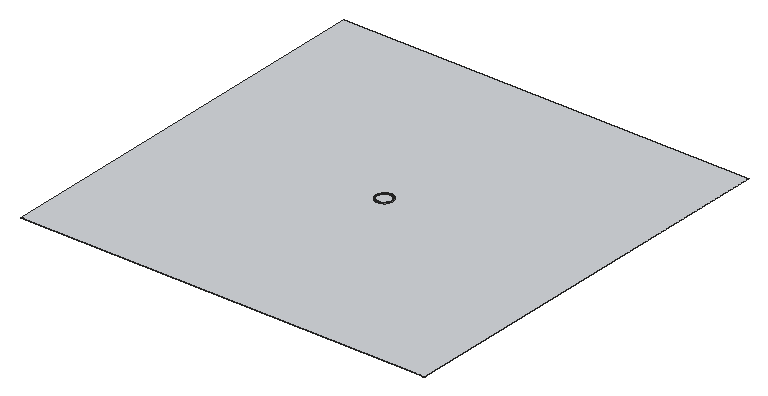
Revit family "LAMP_KOMBIC 100 ROUND IP40 CRI80 OPAL", category Luminarias, Revit 2018
Family settings
  Anfitrión = Cara
  Cota de conector redondo = Diámetro de uso
  Tipo de pieza = Normal
  Corte con vacíos al cargar = No
  Origen de luz = Sí
  Compartido = No
  Punto de cálculo de habitación = No
Parameters (values of type "1392LM 3000K  M/W")
  Ángulo de inclinación = -90.00°
  Weight = 0.392 kg
  Wattage = 13.4 W
  UGR = ""
  Type = "COB PHILIPS"
  built-in parameter 1150107 = 3000 (stored number, unit not read)
  Recessed diameter = 95 mm
  built-in parameter 1150110 = 1 (stored number, unit not read)
  built-in parameter 1150109 = 1 (stored number, unit not read)
  built-in parameter 1150112 = 1 (stored number, unit not read)
  built-in parameter 1150113 = 1 (stored number, unit not read)
  built-in parameter 1114218 = 1 (stored number, unit not read)
  Protection rating = "IP40"
  Product datasheet = "http://www.lamp.es/product-files/TECH/K11RD2040OP830NMW-EN.pdf"
  Product code = "K11RD2040OP830NMW"
  Product URL = "https://www.lamp.es/en/family/fil-45_413951"
  Power Supply = "220-240V 50/60Hz"
  Power = 12 W
  Plum = 13.4 W
  built-in parameter 1150137 = (empty or 0)
  built-in parameter 1150132 = 2
  Modelo = Product code  # "K11RD2040OP830NMW"
  Material reflector = LAMP_PC Reflector Kombic Metalizado Mate
  Material disipador = LAMP_Aluminio Disipador Kombic
  Material difusor = LAMP_PMMA Difusor Kombic
  Material aro = LAMP_Plástico genérico BL
  Manufacturer name = "LAMP"
  Manufacturer country = "Spain"
  Manufacturer URL = "http://www.lamp.es/en"
  MacAdam = "3"
  Luminaire type = "Downlight"
  Last update = "01/07/2021"
  Lamp = "COB LED"
  LED Lifetime = "50.000 L80 B10"
  built-in parameter 1150105 = 110.79 (stored number, unit not read)
  built-in parameter 1150102 = (empty or 0)
  Insulation class = "II"
  Installation instructions = "https://www.lamp.es/product-files/INS/1004580-C%20INSTR.%20FIL45.pdf"
  built-in parameter 1150106 = 1.1079 (stored number, unit not read)
  IEE = "A+"
  Height = 75 mm
  Gear = "Electronic"
  Lumens = 1392.26 lm
  Finish = "Shiny white RAL 9010"
  Color Filter = 16777215
  built-in parameter 1114217 = 1 (stored number, unit not read)
  built-in parameter 1150139 = (empty or 0)
  Fabricante = Manufacturer name  # "LAMP"
  Default Elevation = 1219.2 mm
  built-in parameter 1150104 = 9.6526 (stored number, unit not read)
  Efficacy = 103.9 lm/W
  Diameter = 99 mm
  built-in parameter 1150115 = 1 (stored number, unit not read)
  built-in parameter 1150114 = 1 (stored number, unit not read)
  built-in parameter 1150138 = (empty or 0)
  built-in parameter 1150134 = (empty or 0)
  Dimming Lamp Color Temperature Shift = (empty or 0)
  CRI = "80"
  Archivo de red fotométrica = "K11RD2040OP830NMW.IES"
  built-in parameter 1150133 = 10 (stored number, unit not read)
Types (24, lengths in mm): name | Ángulo de inclinación | Weight | Wattage | built-in parameter 1150107 | Product datasheet | Product code | Power | Plum | Modelo | Material reflector | built-in parameter 1150105 | built-in parameter 1150106 | Lumens | Finish | built-in parameter 1150104 | Efficacy | built-in parameter 1150134 | Archivo de red fotométrica
  1392LM 3000K DALI M/W | -90.00° | 0.425 kg | 13.4 W | 3000 (stored number, unit not read) | "http://www.lamp.es/product-files/TECH/K11RD2040OP830DMW-EN.pdf" | "K11RD2040OP830DMW" | 12 W | 13.4 W | "K11RD2040OP830DMW" | LAMP_PC Reflector Kombic Metalizado Mate | 110.79 (stored number, unit not read) | 1.1079 (stored number, unit not read) | 1392.26 lm | "Shiny white RAL 9010" | 9.6526 (stored number, unit not read) | 103.9 lm/W | (empty or 0) | "K11RD2040OP830nMW.IES"
  1392LM 3000K  M/W | -90.00° | 0.392 kg | 13.4 W | 3000 (stored number, unit not read) | "http://www.lamp.es/product-files/TECH/K11RD2040OP830NMW-EN.pdf" | "K11RD2040OP830NMW" | 12 W | 13.4 W | "K11RD2040OP830NMW" | LAMP_PC Reflector Kombic Metalizado Mate | 110.79 (stored number, unit not read) | 1.1079 (stored number, unit not read) | 1392.26 lm | "Shiny white RAL 9010" | 9.6526 (stored number, unit not read) | 103.9 lm/W | (empty or 0) | "K11RD2040OP830NMW.IES"
  1454LM 3000K DALI W/W | 90.00° | 0.425 kg | 13.4 W | 3000 (stored number, unit not read) | "http://www.lamp.es/product-files/TECH/K11RD2040OP830DWW-EN.pdf" | "K11RD2040OP830DWW" | 12 W | 13.4 W | "K11RD2040OP830DWW" | LAMP_PC Reflector Kombic Blanco | 115.7 (stored number, unit not read) | 1.157 (stored number, unit not read) | 1453.9 lm | "Matte white RAL 9010" | 10.08 (stored number, unit not read) | 108.5 lm/W | (empty or 0) | "K11RD2040OP830nWW.IES"
  1454LM 3000K  W/W | -90.00° | 0.392 kg | 13.4 W | 3200 (stored number, unit not read) | "http://www.lamp.es/product-files/TECH/K11RD2040OP830NWW-EN.pdf" | "K11RD2040OP830NWW" | 12 W | 13.4 W | "K11RD2040OP830NWW" | LAMP_PC Reflector Kombic Blanco | 115.7 (stored number, unit not read) | 1.157 (stored number, unit not read) | 1453.9 lm | "Matte white RAL 9010" | 10.08 (stored number, unit not read) | 108.5 lm/W | 3 | "K11RD2040OP830NWW.IES"
  1460LM 3000K DALI BR/W | -90.00° | 0.425 kg | 13.4 W | 3000 (stored number, unit not read) | "http://www.lamp.es/product-files/TECH/K11RD2040OP830DRW-EN.pdf" | "K11RD2040OP830DRW" | 12 W | 13.4 W | "K11RD2040OP830DRW" | LAMP_PC Reflector Kombic Metalizado Brillante | 116.23 (stored number, unit not read) | 1.1623 (stored number, unit not read) | 1460.6 lm | "Shiny white RAL 9010" | 10.126 (stored number, unit not read) | 109 lm/W | (empty or 0) | "K11RD2040OP830nRW.IES"
  1460LM 3000K  BR/W | -90.00° | 0.392 kg | 13.4 W | 3000 (stored number, unit not read) | "http://www.lamp.es/product-files/TECH/K11RD2040OP830NRW-EN.pdf" | "K11RD2040OP830NRW" | 12 W | 13.4 W | "K11RD2040OP830NRW" | LAMP_PC Reflector Kombic Metalizado Brillante | 116.23 (stored number, unit not read) | 1.1623 (stored number, unit not read) | 1460.6 lm | "Shiny white RAL 9010" | 10.126 (stored number, unit not read) | 109 lm/W | (empty or 0) | "K11RD2040OP830NRW.IES"
  1474LM 4000K DALI M/W | -90.00° | 0.425 kg | 13.4 W | 4000 (stored number, unit not read) | "http://www.lamp.es/product-files/TECH/K11RD2040OP840DMW-EN.pdf" | "K11RD2040OP840DMW" | 12 W | 13.4 W | "K11RD2040OP840DMW" | LAMP_PC Reflector Kombic Metalizado Mate | 117.3 (stored number, unit not read) | 1.173 (stored number, unit not read) | 1474 lm | "Shiny white RAL 9010" | 10.219 (stored number, unit not read) | 110 lm/W | 12 | "K11RD2040OP840nMW.IES"
  1474LM 4000K  M/W | -90.00° | 0.392 kg | 13.4 W | 4000 (stored number, unit not read) | "http://www.lamp.es/product-files/TECH/K11RD2040OP840NMW-EN.pdf" | "K11RD2040OP840NMW" | 12 W | 13.4 W | "K11RD2040OP840NMW" | LAMP_PC Reflector Kombic Metalizado Mate | 117.3 (stored number, unit not read) | 1.173 (stored number, unit not read) | 1474 lm | "Shiny white RAL 9010" | 10.219 (stored number, unit not read) | 110 lm/W | 12 | "K11RD2040OP840NMW.IES"
  1541LM 4000K DALI W/W | -90.00° | 0.425 kg | 13.4 W | 4000 (stored number, unit not read) | "http://www.lamp.es/product-files/TECH/K11RD2040OP840DWW-EN.pdf" | "K11RD2040OP840DWW" | 12 W | 13.4 W | "K11RD2040OP840DWW" | LAMP_PC Reflector Kombic Blanco | 122.63 (stored number, unit not read) | 1.2263 (stored number, unit not read) | 1541 lm | "Matte white RAL 9010" | 10.684 (stored number, unit not read) | 115 lm/W | 12 | "K11RD2040OP840nWW.IES"
  1541LM 4000K  W/W | -90.00° | 0.392 kg | 13.4 W | 4000 (stored number, unit not read) | "http://www.lamp.es/product-files/TECH/K11RD2040OP840NWW-EN.pdf" | "K11RD2040OP840NWW" | 12 W | 13.4 W | "K11RD2040OP840NWW" | LAMP_PC Reflector Kombic Blanco | 122.63 (stored number, unit not read) | 1.2263 (stored number, unit not read) | 1541 lm | "Matte white RAL 9010" | 10.684 (stored number, unit not read) | 115 lm/W | 12 | "K11RD2040OP840NWW.IES"
  1547LM 4000K DALI BR/W | -90.00° | 0.425 kg | 13.4 W | 4000 (stored number, unit not read) | "http://www.lamp.es/product-files/TECH/K11RD2040OP840DRW-EN.pdf" | "K11RD2040OP840DRW" | 12 W | 13.4 W | "K11RD2040OP840DRW" | LAMP_PC Reflector Kombic Metalizado Brillante | 123.06 (stored number, unit not read) | 1.2306 (stored number, unit not read) | 1546.36 lm | "Shiny white RAL 9010" | 10.721 (stored number, unit not read) | 115.4 lm/W | 12 | "K11RD2040OP840nRW.IES"
  1547LM 4000K  BR/W | -90.00° | 0.392 kg | 13.4 W | 4000 (stored number, unit not read) | "http://www.lamp.es/product-files/TECH/K11RD2040OP840NRW-EN.pdf" | "K11RD2040OP840NRW" | 12 W | 13.4 W | "K11RD2040OP840NRW" | LAMP_PC Reflector Kombic Metalizado Brillante | 123.06 (stored number, unit not read) | 1.2306 (stored number, unit not read) | 1546.36 lm | "Shiny white RAL 9010" | 10.721 (stored number, unit not read) | 115.4 lm/W | 12 | "K11RD2040OP840NRW.IES"
  1867LM 3000K DALI M/W | -90.00° | 0.425 kg | 19.1 W | 3000 (stored number, unit not read) | "http://www.lamp.es/product-files/TECH/K11RD2540OP830DMW-EN.pdf" | "K11RD2540OP830DMW" | 17 W | 19.1 W | "K11RD2540OP830DMW" | LAMP_PC Reflector Kombic Metalizado Mate | 148.65 (stored number, unit not read) | 1.4865 (stored number, unit not read) | 1867.98 lm | "Shiny white RAL 9010" | 9.0859 (stored number, unit not read) | 97.8 lm/W | (empty or 0) | "K11RD2540OP830nMW.IES"
  1867LM 3000K  M/W | -90.00° | 0.392 kg | 19.1 W | 3000 (stored number, unit not read) | "http://www.lamp.es/product-files/TECH/K11RD2540OP830NMW-EN.pdf" | "K11RD2540OP830NMW" | 17 W | 19.1 W | "K11RD2540OP830NMW" | LAMP_PC Reflector Kombic Metalizado Mate | 148.65 (stored number, unit not read) | 1.4865 (stored number, unit not read) | 1867.98 lm | "Shiny white RAL 9010" | 9.0859 (stored number, unit not read) | 97.8 lm/W | (empty or 0) | "K11RD2540OP830NMW.IES"
  1951LM 3000K DALI W/W | -90.00° | 0.425 kg | 19.1 W | 3000 (stored number, unit not read) | "http://www.lamp.es/product-files/TECH/K11RD2540OP830DWW-EN.pdf" | "K11RD2540OP830DWW" | 17 W | 19.1 W | "K11RD2540OP830DWW" | LAMP_PC Reflector Kombic Blanco | 155.34 (stored number, unit not read) | 1.5534 (stored number, unit not read) | 1952.02 lm | "Matte white RAL 9010" | 9.4947 (stored number, unit not read) | 102.2 lm/W | (empty or 0) | "K11RD2540OP830nWW.IES"
  1951LM 3000K  W/W | -90.00° | 0.392 kg | 19.1 W | 3000 (stored number, unit not read) | "http://www.lamp.es/product-files/TECH/K11RD2540OP830NWW-EN.pdf" | "K11RD2540OP830NWW" | 17 W | 19.1 W | "K11RD2540OP830NWW" | LAMP_PC Reflector Kombic Blanco | 155.34 (stored number, unit not read) | 1.5534 (stored number, unit not read) | 1952.02 lm | "Matte white RAL 9010" | 9.4947 (stored number, unit not read) | 102.2 lm/W | (empty or 0) | "K11RD2540OP830NWW.IES"
  1959LM 3000K DALI BR/W | -90.00° | 0.425 kg | 19.1 W | 3000 (stored number, unit not read) | "http://www.lamp.es/product-files/TECH/K11RD2540OP830DRW-EN.pdf" | "K11RD2540OP830DRW" | 17 W | 19.1 W | "K11RD2540OP830DRW" | LAMP_PC Reflector Kombic Metalizado Brillante | 155.94 (stored number, unit not read) | 1.5594 (stored number, unit not read) | 1959.66 lm | "Shiny white RAL 9010" | 9.5319 (stored number, unit not read) | 102.6 lm/W | (empty or 0) | "K11RD2540OP830nRW.IES"
  1959LM 3000K  BR/W | -90.00° | 0.392 kg | 19.1 W | 3000 (stored number, unit not read) | "http://www.lamp.es/product-files/TECH/K11RD2540OP830NRW-EN.pdf" | "K11RD2540OP830NRW" | 17 W | 19.1 W | "K11RD2540OP830NRW" | LAMP_PC Reflector Kombic Metalizado Brillante | 155.94 (stored number, unit not read) | 1.5594 (stored number, unit not read) | 1959.66 lm | "Shiny white RAL 9010" | 9.5319 (stored number, unit not read) | 102.6 lm/W | (empty or 0) | "K11RD2540OP830NRW.IES"
  1978LM 4000K DALI M/W | -90.00° | 0.425 kg | 19.1 W | 4000 (stored number, unit not read) | "http://www.lamp.es/product-files/TECH/K11RD2540OP840DMW-EN.pdf" | "K11RD2540OP840DMW" | 17 W | 19.1 W | "K11RD2540OP840DMW" | LAMP_PC Reflector Kombic Metalizado Mate | 157.46 (stored number, unit not read) | 1.5746 (stored number, unit not read) | 1978.76 lm | "Shiny white RAL 9010" | 9.6248 (stored number, unit not read) | 103.6 lm/W | 12 | "K11RD2540OP840nMW.IES"
  1978LM 4000K  M/W | -90.00° | 0.392 kg | 19.1 W | 4000 (stored number, unit not read) | "http://www.lamp.es/product-files/TECH/K11RD2540OP840NMW-EN.pdf" | "K11RD2540OP840NMW" | 17 W | 19.1 W | "K11RD2540OP840NMW" | LAMP_PC Reflector Kombic Metalizado Mate | 157.46 (stored number, unit not read) | 1.5746 (stored number, unit not read) | 1978.76 lm | "Shiny white RAL 9010" | 9.6248 (stored number, unit not read) | 103.6 lm/W | 12 | "K11RD2540OP840NMW.IES"
  2067LM 4000K DALI W/W | -90.00° | 0.425 kg | 19.1 W | 4000 (stored number, unit not read) | "http://www.lamp.es/product-files/TECH/K11RD2540OP840DWW-EN.pdf" | "K11RD2540OP840DWW" | 17 W | 19.1 W | "K11RD2540OP840DWW" | LAMP_PC Reflector Kombic Blanco | 164.46 (stored number, unit not read) | 1.6446 (stored number, unit not read) | 2066.62 lm | "Matte white RAL 9010" | 10.052 (stored number, unit not read) | 108.2 lm/W | 12 | "K11RD2540OP840nWW.IES"
  2067LM 4000K  W/W | -90.00° | 0.392 kg | 19.1 W | 3000 (stored number, unit not read) | "http://www.lamp.es/product-files/TECH/K11RD2540OP840NWW-EN.pdf" | "K11RD2540OP840NWW" | 17 W | 19.1 W | "K11RD2540OP840NWW" | LAMP_PC Reflector Kombic Blanco | 164.46 (stored number, unit not read) | 1.6446 (stored number, unit not read) | 2066.62 lm | "Matte white RAL 9010" | 10.052 (stored number, unit not read) | 108.2 lm/W | (empty or 0) | "K11RD2540OP840NWW.IES"
  2082LM 4000K DALI BR/W | -90.00° | 0.425 kg | 19.1 W | 4000 (stored number, unit not read) | "http://www.lamp.es/product-files/TECH/K11RD2540OP840DRW-EN.pdf" | "K11RD2540OP840DRW" | 17 W | 19.1 W | "K11RD2540OP840DRW" | LAMP_PC Reflector Kombic Metalizado Brillante | 165.67 (stored number, unit not read) | 1.6567 (stored number, unit not read) | 2081.9 lm | "Shiny white RAL 9010" | 10.126 (stored number, unit not read) | 109 lm/W | 12 | "K11RD2540OP840nRW.IES"
  2082LM 4000K  BR/W | -90.00° | 0.392 kg | 19.1 W | 4000 (stored number, unit not read) | "http://www.lamp.es/product-files/TECH/K11RD2540OP840NRW-EN.pdf" | "K11RD2540OP840NRW" | 17 W | 19.1 W | "K11RD2540OP840NRW" | LAMP_PC Reflector Kombic Metalizado Brillante | 165.67 (stored number, unit not read) | 1.6567 (stored number, unit not read) | 2081.9 lm | "Shiny white RAL 9010" | 10.126 (stored number, unit not read) | 109 lm/W | 12 | "K11RD2540OP840NRW.IES"
Reference planes
  plane 1 "Centro (Frontal/Posterior)": y = 0
  plane 2: z = 0
  plane 3 "Centro (Izquierda/Derecha)": x = 0
Forms (mm)
  Extrusion 1, solid
    sketch origin (0, 0, 0) x (1, 0, 0) y (0, 1, 0)
      loop
        line (-1219.2, 1219.2) -> (-1219.2, -1219.2) -> (1219.2, -1219.2) -> (1219.2, 1219.2) -> (-1219.2, 1219.2)
    from 0 to -1
  Revolve 2, solid, material "LAMP_Plástico genérico BL" <- "Material aro"
    sketch origin (0, 0, 1.5) x (-1, 0, 0) y (0, 0, -1)
      loop
        arc (37.791, 25.939) -> (31.498, 30.773) -> (23.839, 32.85) r 20.471
        line (23.839, 32.85) -> (23.839, 30.55)
        arc (23.839, 30.55) -> (39.935, 20.082) -> (44.765, 1.5) r 26.552
        line (44.765, 1.5) -> (43.765, 1.5) -> (43.765, 0) -> (49.506, 0) -> (49.506, 1.5) -> (46.246, 1.5)
        arc (46.246, 1.5) -> (44.417, 14.549) -> (37.791, 25.939) r 34.204
      axis (0, 32.85) -> (0, 0)
    angle from 0 to 360
  Revolve 3, solid, material "LAMP_Aluminio Disipador Kombic" <- "Material disipador"
    sketch origin (0, 0, 1.5) x (-1, 0, 0) y (0, 0, -1)
      loop
        line (0, 32.85) -> (46.5, 32.85) -> (46.5, 75.35) -> (0, 75.35) -> (0, 32.85)
      axis (0, 75.35) -> (0, 32.85)
    angle from 0 to 360
  Revolve 4, solid, material "LAMP_PMMA Difusor Kombic" <- "Material difusor"
    sketch origin (0, 0, 0) x (1, 0, 0) y (0, 0, 1)
      loop
        line (0, -28.081) -> (0, -31.35) -> (23.839, -31.35) -> (23.839, -28.081) -> (0, -28.081)
      axis (0, -28.081) -> (0, -31.35)
    angle from 0 to 360
  Revolve 5, solid, material "LAMP_PC Reflector Kombic Metalizado Mate" <- "Material reflector"
    sketch origin (0, 0, 0) x (1, 0, 0) y (0, 0, 1)
      loop
        arc (-44.765, 0) -> (-39.935, -18.582) -> (-23.839, -29.05) r 26.552
        line (-23.839, -29.05) -> (-23.839, -28.081)
        arc (-23.839, -28.081) -> (-39.146, -17.832) -> (-43.765, 0) r 25.895
        line (-43.765, 0) -> (-44.765, 0)
      axis (0, 0) -> (0, -29.05)
    angle from 0 to 360
Text (mm)
  text "Any modification of the parameters and properties of the LAMP BIM models must be executed and validated by the LAMP technical department.\nPhone: +34 93 736 68 00\nE-mail: lamp@lamp.es\n\nLAMP reserves the right to modify the technical specifications of its products." at (-2876.262, -5833.446, 1777.952), in view "Preview"
Dimensions and locks
  aligned and locked: plane 2 to Extrusion 1
  aligned and locked: level to Extrusion 1
Connectors
  electrical at (0, 0, -73.85)
    settings: on Revolve 3, index 1, voltage 230 V, apparent load 0 VA, apparent load phase1 0 VA, apparent load phase2 0 VA, apparent load phase3 0 VA, power factor 1, load classification "Otro", number of poles 1, system type 30, power factor state 1, is connector primary yes, connector utility no, sub classification motor no, connector description ""
